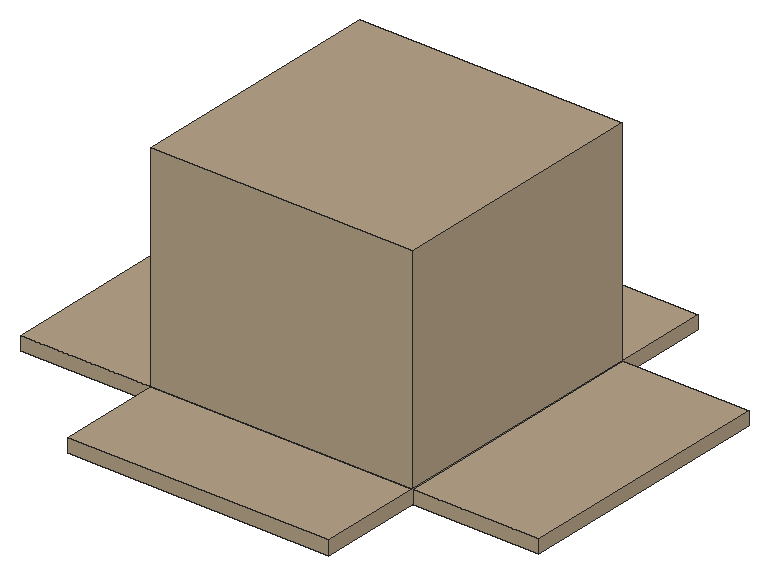
Revit family
Parameters
  Lumens = 1800 lm
Reference planes (in)
  plane 1 "Light Source Axis (F/B)": y = 0
  plane 2: z = 0
  plane 3 "Light Source Axis (L/R)": x = 0
  plane 4 "Light Source Elevation": z = 54
Forms (in)
  Extrusion 1, solid
    sketch origin (0, 0, 0) x (1, 0, 0) y (0, 1, 0)
      loop
        line (-20.25353, 11.81502) -> (-20.25353, -32.18498) -> (23.74647, -32.18498) -> (23.74647, 11.81502) -> (-20.25353, 11.81502)
    from 0 to 38.24536
  Extrusion 2, solid
    sketch origin (0, 0.25, 0) x (1, 0, 0) y (0, 1, 0)
      loop
        line (-42.25353, 11.56502) -> (-42.25353, -32.43498) -> (45.03064, -32.43498) -> (45.03064, 11.56502) -> (-42.25353, 11.56502)
    from 0 to 2.30425
  Extrusion 3, solid
    sketch origin (0, -0.43795, 0) x (1, 0, 0) y (0, 1, 0)
      loop
        line (-20.25353, 28.25297) -> (-20.25353, -49.28879) -> (23.74647, -49.28879) -> (23.74647, 28.25297) -> (-20.25353, 28.25297)
    from 0 to 2.30425
